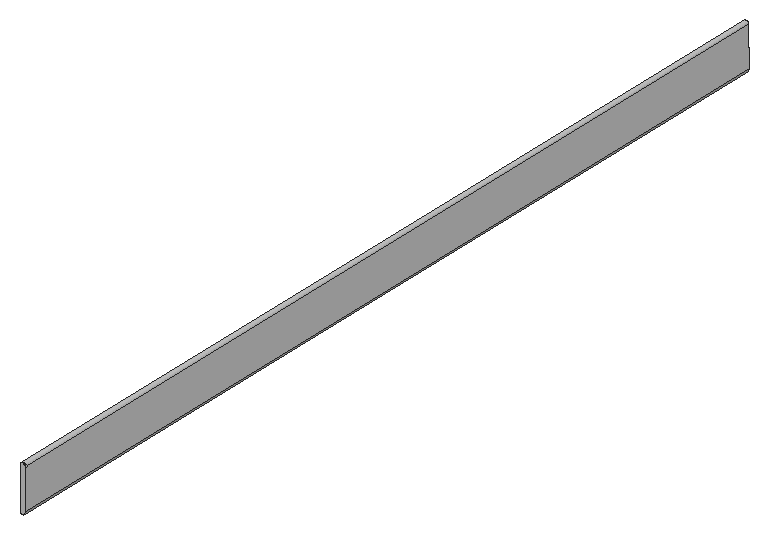
Revit family "Wall_Expansion_Joint-Emseal-Emshield-WFR2-(0.5-6-Inch)", category Specialty Equipment, host Face, Revit 2019
Family settings
  Host = Face
  Round Connector Dimension = Use Diameter
  Part Type = Normal
  OmniClass Number = 23.25.30.24
  OmniClass Title = Structural Walls
  Cut with Voids When Loaded = No
  Shared = No
  Room Calculation Point = No
Parameters (values of type "REFER TO TYPE CATALOG")
  Width = 0' - 0 1/2"
  Water Penetration of Curtain Wall By Uniform Static Air Pressure Difference (ASTM E331-00) = "No water penetration - 15 minute duration at 500 Delta-P(Pa), 1000 Delta-P(Pa),  and 5000 Delta-P(Pa)"  # constant formula
  URL = "https://www.emseal.com/"
  Type Image = <None>
  Type Comments = ""
  Tornado Resistance (Air Leakage) (ASTM E283) = "Tested to 200 mph with essentially no deflection"  # constant formula
  Thermal Conductivity (ASTM C518) = "0.9824 BTU*in/h*ft^2*F (0.1417 W/m*K)"  # constant formula
  Tensile Strength (ASTM D3574) = "21 psi min;  145 kPa"  # constant formula
  Temperature Range (ASTM C711) = "185°F (85°C) to -40°F (-40°C)"  # constant formula
  Standard Test Method For Structural Performance of Exterior Windows, Doors, Sylights and Curtain Walls by Uniform Static Air Pressure Difference (ASTM E330) = "1.9mm @ 4854Pa (200mph) 6-Inch width"  # constant formula
  Staining (ASTM C510) = "None"  # constant formula
  Seal Material Note = "WFR2 has layers of silicone on both sides"  # constant formula
  Seal Material = Silicone - Sikasil WS-295
  STC Rating (Sound Transmission Class) (ASTM E90) = "STC 62 (in a STC 68 wall)"  # constant formula
  Rate of Air Leakage (ASTM E283) = "Passed"  # constant formula
  R Value Range (ASTM C518) = "1.03 per 1-inch (25mm) depth"  # constant formula
  Product data url = "https://cdn.emseal.com/wp-content/uploads/2016/06/emshield-wfr2-tech-data-2-hour-fire-rated-expansion-joint-wall-emseal.pdf"
  Product Page URL = "https://www.emseal.com/product/wfr2-fire-rated-wall-expansion-joint/"
  Product Documentation Link = "https://cdn.emseal.com/wp-content/uploads/2016/06/emshield-wfr2-tech-data-2-hour-fire-rated-expansion-joint-wall-emseal.pdf"
  Pick Resistant = "No"  # constant formula
  OITC Rating (Outdoor/Indoor Transmission Class) = "OITC 52 (in a OITC 52 wall)"  # constant formula
  Number of Sticks Required [instance] = Length / 6' 6 23/32"  # 1
  Movement (of Nominal Material Size) = "+ 50% / - 50%"
  Model = "WFR2"
  Manufacturer = "Emseal Joint Systems, Ltd."  # constant formula
  Length [instance] = 6' - 6 23/32"
  Keynote = ""
  Host Thickness = 0' 0" - Depth  # -0' - 4"
  Fire Resistance and Movement Cycling Regime (UL 2079, ASTM E1966, ASTM E119, ASTM E1399) = "Passed"  # constant formula
  Fire Rating (Hours per UL2079) = "2"
  Fire Rated Movement Rating (UL2079) = "Class II, III"  # constant formula
  Durometer Hardness of Silicone Coating (ASTM D2240) = "Shore A: 15"  # constant formula
  Description = "Fire Rated, Watertight, Sound Dampening, Primary Seal for Interior and Exterior Wall Expansion Joints"  # constant formula
  Depth = 0' - 4"
  Default Elevation = 4' - 0"
  Assembly Code = "B2010"
  Air Permeability (ASTM E283-04) = "0.00017 L/(s-m²) @ 75 Delta-P(Pa) 0.00017 L(s-m²) @ 250 Delta-P(Pa)"  # constant formula
  ABAA Compliance = "YES"  # constant formula
Reference planes (in)
  plane 1 "Center (Front/Back)": y = 0
  plane 2: z = 0
  plane 3 "Center (Left/Right)": x = 0
  plane 4: y = 39.35937
  plane 5: y = -39.35938
  plane 6: x = -0.25
  plane 7: x = 0.25
  plane 8: z = -4
Forms (in)
  Extrusion 1, void
    sketch origin (0, 0, 0) x (1, 0, 0) y (0, 1, 0)
      loop
        line (-0.25, -39.35938) -> (0.25, -39.35938) -> (0.25, 39.35937) -> (-0.25, 39.35937) -> (-0.25, -39.35938)
    from -120 to 0
Dimensions and locks (in)
  equal spacing: plane 6, plane 3 "Center (Left/Right)", plane 7
  "Width": plane 6 to plane 7
  "Length": plane 4 to plane 5
  "Depth": level to plane 8
  equal spacing: plane 4, plane 1 "Center (Front/Back)", plane 5
  aligned and locked: plane 2 to host face
  aligned and locked: level to host face
  aligned and locked: Extrusion 1 sketch curve to plane 5
  aligned and locked: Extrusion 1 sketch curve to plane 7
  aligned and locked: Extrusion 1 sketch curve to plane 6
  aligned and locked: Extrusion 1 sketch curve to plane 4
  aligned and locked: plane 2 to Extrusion 1
  aligned and locked: plane 4 to nested 1
  aligned and locked: plane 5 to nested 1
  aligned and locked: plane 3 "Center (Left/Right)" to nested 1
Automatic sketch dimensions
  host sketch curve to host sketch curve = 8' - 0"
  host sketch curve to host sketch curve = 6' - 6 23/32"
Nested families (in)
  nested 1: "EmShield_WFR_Bellow_Facebased" at (0, 0, 0), Seal Material <- "Seal Material", Width <- "Width", Depth <- "Depth", type "WFR"
    with Width 0' - 0 1/2", Triple Bellow no, Single Bellow yes, Seal Material Silicone - Sikasil WS-295, Quad Bellow no, Pent Bellow no, Length 6' - 6 23/32", Depth 0' - 4", Calc Width Triple 0' - 1 1/2", Calc Width Single 0' - 0 1/2", Calc Width Quad 0' - 3 131/256", Calc Width Pent 0' - 4 1/2"
Definition of nested family "EmShield_WFR_Bellow_Facebased"
  Parameters
    Width [instance] = 0' - 4 3/4"
    Triple Bellow [instance] = and(Width > 0' 1 125/256", Width < 0' 3 131/256")  # no
    Single Bellow [instance] = Width < 0' 1 67/256"  # no
    Seal Material [instance] = none
    Quad Bellow [instance] = and(Width > 0' 3 189/256", Width < 0' 4 131/256")  # no
    Pent Bellow [instance] = and(Width > 0' 4 189/256", Width < 0' 6 3/256")  # yes
    Length [instance] = 7' - 0"
    Depth [instance] = 0' - 4"
    Default Elevation = 4' - 0"
    Calc Width Triple [instance] = if(or(Width > 0' 3 131/256", Width < 0' 1 125/256"), 0' 1 1/2", Width)  # 0' - 1 1/2"
    Calc Width Single [instance] = if(Width > 0' 1 67/256", 0' 1 67/256", Width)  # 0' - 1 67/256"
    Calc Width Quad [instance] = if(or(Width > 0' 4 131/256", Width < 0' 3 189/256"), 0' 3 131/256", Width)  # 0' - 3 131/256"
    Calc Width Pent [instance] = if(or(Width > 0' 6 3/256", Width < 0' 4 125/256"), 0' 4 1/2", Width)  # 0' - 4 3/4"
  Reference planes (in)
    plane 1 "Center (Front/Back)": y = 0
    plane 2: z = 0
    plane 3 "Center (Left/Right)": x = 0
    plane 4: y = 42
    plane 5: y = -42
    plane 6: x = -0.75
    plane 7: x = 0.75
    plane 8: z = -4
    plane 9: x = -0.87793
    plane 10: x = 0.87793
    plane 11: x = -0.25
    plane 12: x = 0.25
    plane 13: x = -1.75586
    plane 14: x = 1.75586
    plane 15: x = -0.63086
    plane 16: x = 0.63086
    plane 17: x = -2.375
    plane 18: x = 2.375
    plane 19: x = -5.625
    plane 20: x = 5.875
    plane 21: x = -1.425
    plane 22: x = -0.475
    plane 23: x = 0.475
    plane 24: x = -2.375
    plane 25: x = 2.375
    plane 26: x = 1.425
  Forms (in)
    Extrusion 1, solid
      sketch origin (0, 0, 0) x (1, 0, 0) y (0, 1, 0)
        loop
          line (-48, 48) -> (-48, -48) -> (48, -48) -> (48, 48) -> (-48, 48)
      from 0 to -12
    Extrusion 2, solid, material <- "Seal Material", visible <- "Quad Bellow", detail levels medium+fine
      sketch origin (0, 0, 0) x (1, 0, 0) y (0, 0, 1)
        loop
          line (1.75586, -3.56106) -> (1.75586, -0.43896)
          arc (1.75586, -0.43896) -> (1.31689, 0) -> (0.87793, -0.43896) r 0.43896
          arc (0.87793, -0.43896) -> (0.43896, 0) -> (0, -0.43896) r 0.43896
          arc (0, -0.43896) -> (-0.43896, 0) -> (-0.87793, -0.43896) r 0.43896
          arc (-0.87793, -0.43896) -> (-1.31689, 0) -> (-1.75586, -0.43896) r 0.43896
          line (-1.75586, -0.43896) -> (-1.75586, -3.56106)
          arc (-1.75586, -3.56106) -> (-1.31689, -4.00002) -> (-0.87793, -3.56106) r 0.43896
          arc (-0.87793, -3.56106) -> (-0.43896, -4.00002) -> (0, -3.56106) r 0.43896
          arc (0, -3.56106) -> (0.43896, -4.00002) -> (0.87793, -3.56106) r 0.43896
          arc (0.87793, -3.56106) -> (1.31689, -4.00002) -> (1.75586, -3.56106) r 0.43896
      from -42 to 42
    Extrusion 3, solid, material <- "Seal Material", visible <- "Triple Bellow", detail levels medium+fine
      sketch origin (0, 0, 0) x (1, 0, 0) y (0, 0, 1)
        loop
          line (-0.75, -0.25) -> (-0.75, -3.75)
          arc (-0.75, -3.75) -> (-0.5, -4) -> (-0.25, -3.75) r 0.25
          arc (-0.25, -3.75) -> (0, -4) -> (0.25, -3.75) r 0.25
          arc (0.25, -3.75) -> (0.5, -4) -> (0.75, -3.75) r 0.25
          line (0.75, -3.75) -> (0.75, -0.25)
          arc (0.75, -0.25) -> (0.5, 0) -> (0.25, -0.25) r 0.25
          arc (0.25, -0.25) -> (0, 0) -> (-0.25, -0.25) r 0.25
          arc (-0.25, -0.25) -> (-0.5, 0) -> (-0.75, -0.25) r 0.25
      from -42 to 42
    Extrusion 4, solid, material <- "Seal Material", visible <- "Single Bellow", detail levels medium+fine
      sketch origin (0, 0, 0) x (1, 0, 0) y (0, 0, 1)
        loop
          line (-0.63086, -0.63086) -> (-0.63086, -3.36914)
          arc (-0.63086, -3.36914) -> (0, -4) -> (0.63086, -3.36914) r 0.63086
          line (0.63086, -3.36914) -> (0.63086, -0.63086)
          arc (0.63086, -0.63086) -> (0, 0) -> (-0.63086, -0.63086) r 0.63086
      from -42 to 42
    Extrusion 5, solid, material <- "Seal Material", detail levels coarse
      sketch origin (0, 0, 0) x (1, 0, 0) y (0, 0, 1)
        loop
          line (2.375, -4) -> (2.375, 0) -> (-2.375, 0) -> (-2.375, -4) -> (2.375, -4)
      from -42 to 42
    Extrusion 6, solid, material <- "Seal Material", visible <- "Pent Bellow", detail levels medium+fine
      sketch origin (0, 0, 0) x (1, 0, 0) y (0, 0, 1)
        loop
          line (-2.375, -0.475) -> (-2.375, -3.52513)
          arc (-2.375, -3.52513) -> (-1.9, -4.00013) -> (-1.425, -3.52513) r 0.475
          arc (-1.425, -3.52513) -> (-0.95, -4.00013) -> (-0.475, -3.52513) r 0.475
          arc (-0.475, -3.52513) -> (0, -4.00013) -> (0.475, -3.52513) r 0.475
          arc (0.475, -3.52513) -> (0.95, -4.00013) -> (1.425, -3.52513) r 0.475
          arc (1.425, -3.52513) -> (1.9, -4.00013) -> (2.375, -3.52513) r 0.475
          line (2.375, -3.52513) -> (2.375, -0.475)
          arc (2.375, -0.475) -> (1.9, 0) -> (1.425, -0.475) r 0.475
          arc (1.425, -0.475) -> (0.95, 0) -> (0.475, -0.475) r 0.475
          arc (0.475, -0.475) -> (0, 0) -> (-0.475, -0.475) r 0.475
          arc (-0.475, -0.475) -> (-0.95, 0) -> (-1.425, -0.475) r 0.475
          arc (-1.425, -0.475) -> (-1.9, 0) -> (-2.375, -0.475) r 0.475
      from -42 to 42
  Lines and regions (in)
    Masking region 1
      outline origin (0, 0, 2.62265) x (-1, 0, 0) y (0, -1, 0)
        loop
          line (2.375, -42) -> (2.375, 42) -> (-2.375, 42) -> (-2.375, -42) -> (2.375, -42)
    Masking region 2, detail levels coarse
      outline origin (0, 0, 0) x (1, 0, 0) y (0, 0, 1)
        loop
          line (2.375, 0) -> (-2.375, 0) -> (-2.375, -4) -> (2.375, -4) -> (2.375, 0)
    Masking region 3, visible <- "Pent Bellow", detail levels medium+fine
      outline origin (0, 0, 0) x (1, 0, 0) y (0, 0, 1)
        loop
          arc (-1.425, -0.475) -> (-1.9, 0) -> (-2.375, -0.475) r 0.475
          line (-2.375, -0.475) -> (-2.375, -3.52513)
          arc (-2.375, -3.52513) -> (-1.9, -4.00013) -> (-1.425, -3.52513) r 0.475
          arc (-1.425, -3.52513) -> (-0.95, -4.00013) -> (-0.475, -3.52513) r 0.475
          arc (-0.475, -3.52513) -> (0, -4.00013) -> (0.475, -3.52513) r 0.475
          arc (0.475, -3.52513) -> (0.95, -4.00013) -> (1.425, -3.52513) r 0.475
          arc (1.425, -3.52513) -> (1.9, -4.00013) -> (2.375, -3.52513) r 0.475
          line (2.375, -3.52513) -> (2.375, -0.475)
          arc (2.375, -0.475) -> (1.9, 0) -> (1.425, -0.475) r 0.475
          arc (1.425, -0.475) -> (0.95, 0) -> (0.475, -0.475) r 0.475
          arc (0.475, -0.475) -> (0, 0) -> (-0.475, -0.475) r 0.475
          arc (-0.475, -0.475) -> (-0.95, 0) -> (-1.425, -0.475) r 0.475
    Masking region 4, visible <- "Quad Bellow", detail levels medium+fine
      outline origin (0, 0, 0) x (1, 0, 0) y (0, 0, 1)
        loop
          line (-1.75586, -0.43896) -> (-1.75586, -3.56106)
          arc (-1.75586, -3.56106) -> (-1.31689, -4.00002) -> (-0.87793, -3.56106) r 0.43896
          arc (-0.87793, -3.56106) -> (-0.43896, -4.00002) -> (0, -3.56106) r 0.43896
          arc (0, -3.56106) -> (0.43896, -4.00002) -> (0.87793, -3.56106) r 0.43896
          arc (0.87793, -3.56106) -> (1.31689, -4.00002) -> (1.75586, -3.56106) r 0.43896
          line (1.75586, -3.56106) -> (1.75586, -0.43896)
          arc (1.75586, -0.43896) -> (1.31689, 0) -> (0.87793, -0.43896) r 0.43896
          arc (0.87793, -0.43896) -> (0.43896, 0) -> (0, -0.43896) r 0.43896
          arc (0, -0.43896) -> (-0.43896, 0) -> (-0.87793, -0.43896) r 0.43896
          arc (-0.87793, -0.43896) -> (-1.31689, 0) -> (-1.75586, -0.43896) r 0.43896
    Masking region 5, visible <- "Single Bellow", detail levels medium+fine
      outline origin (0, 0, 0) x (1, 0, 0) y (0, 0, 1)
        loop
          arc (0.63086, -0.63086) -> (0, 0) -> (-0.63086, -0.63086) r 0.63086
          line (-0.63086, -0.63086) -> (-0.63086, -3.36914)
          arc (-0.63086, -3.36914) -> (0, -4) -> (0.63086, -3.36914) r 0.63086
          line (0.63086, -3.36914) -> (0.63086, -0.63086)
    Masking region 6, visible <- "Triple Bellow", detail levels medium+fine
      outline origin (0, 0, 0) x (1, 0, 0) y (0, 0, 1)
        loop
          arc (-0.25, -3.75) -> (0, -4) -> (0.25, -3.75) r 0.25
          arc (0.25, -3.75) -> (0.5, -4) -> (0.75, -3.75) r 0.25
          line (0.75, -3.75) -> (0.75, -0.25)
          arc (0.75, -0.25) -> (0.5, 0) -> (0.25, -0.25) r 0.25
          arc (0.25, -0.25) -> (0, 0) -> (-0.25, -0.25) r 0.25
          arc (-0.25, -0.25) -> (-0.5, 0) -> (-0.75, -0.25) r 0.25
          line (-0.75, -0.25) -> (-0.75, -3.75)
          arc (-0.75, -3.75) -> (-0.5, -4) -> (-0.25, -3.75) r 0.25
    Masking region 7
      outline origin (0, 0, 0) x (0, 1, 0) y (0, 0, 1)
        loop
          line (42, -4) -> (42, 0) -> (-42, 0) -> (-42, -4) -> (42, -4)
    symbolic lines, visible <- "Quad Bellow", detail levels medium+fine
      curve 1: line (-0.87793, 42, 2.62265) -> (-0.87793, -42, 2.62265)
      curve 2: line (0.87793, 42, 2.62265) -> (0.87793, -42, 2.62265)
      curve 3: line (0, 42, 2.62265) -> (0, -42, 2.62265)
    symbolic lines, visible <- "Triple Bellow", detail levels medium+fine
      curve 4: line (-0.25, 42, 0) -> (-0.25, -42, 0)
      curve 5: line (0.25, 42, 0) -> (0.25, -42, 0)
    symbolic lines, visible <- "Pent Bellow", detail levels medium+fine
      curve 6: line (-1.425, 42, 0) -> (-1.425, -42, 0)
      curve 7: line (-0.475, 42, 0) -> (-0.475, -42, 0)
      curve 8: line (0.475, 42, 0) -> (0.475, -42, 0)
      curve 9: line (1.425, 42, 0) -> (1.425, -42, 0)
  Dimensions and locks (in)
    "Length": plane 4 to plane 5
    equal spacing: plane 6, plane 3 "Center (Left/Right)", plane 7
    "Depth": level to plane 8
    plane 8 to Extrusion 2 sketch curve to Extrusion 2 sketch curve to Extrusion 2 sketch curve to Extrusion 2 sketch curve = 0' - 0.00002" locked, 0' - 0" locked, 0' - 0" locked, 0' - 0" locked
    Extrusion 2 sketch curve to Extrusion 2 sketch curve to Extrusion 2 sketch curve to Extrusion 2 sketch curve to plane 2 = 0' - 0" locked, 0' - 0" locked, 0' - 0" locked, 0' - 0" locked
    equal spacing: plane 4, plane 1 "Center (Front/Back)", plane 5
    plane 8 to Extrusion 3 sketch curve to Extrusion 3 sketch curve to Extrusion 3 sketch curve = 0' - 0" locked, 0' - 0" locked, 0' - 0" locked
    plane 2 to Extrusion 3 sketch curve to Extrusion 3 sketch curve to Extrusion 3 sketch curve = 0' - 0" locked, 0' - 0" locked, 0' - 0" locked
    equal spacing: plane 7, plane 12, plane 11, plane 6
    "Calc Width Triple": plane 7 to plane 6
    equal spacing: plane 14, plane 10, plane 3 "Center (Left/Right)", plane 9, plane 13
    "Calc Width Quad": plane 14 to plane 13
    equal spacing: plane 16, plane 3 "Center (Left/Right)", plane 15
    "Calc Width Single": plane 16 to plane 15
    locked: plane 8 to Extrusion 4 sketch curve at 0
    locked: plane 2 to Extrusion 4 sketch curve at 0
    equal spacing: plane 18, plane 3 "Center (Left/Right)", plane 17
    "Width": plane 18 to plane 17
    locked: plane 19 to plane 17 at 3.25
    locked: plane 18 to plane 20 at 3.5
    equal spacing: plane 25, plane 3 "Center (Left/Right)", plane 24
    "Calc Width Pent": plane 25 to plane 24
    equal spacing: plane 25, plane 26, plane 23, plane 22, plane 21, plane 24
    plane 8 to Extrusion 6 sketch curve to Extrusion 6 sketch curve to Extrusion 6 sketch curve to Extrusion 6 sketch curve to Extrusion 6 sketch curve = 0' - 0.00013" locked, 0' - 0" locked, 0' - 0" locked, 0' - 0" locked, 0' - 0" locked
    plane 2 to Extrusion 6 sketch curve to Extrusion 6 sketch curve to Extrusion 6 sketch curve to Extrusion 6 sketch curve to Extrusion 6 sketch curve = 0' - 0" locked, 0' - 0" locked, 0' - 0" locked, 0' - 0" locked, 0' - 0" locked
    aligned and locked: plane 2 to Extrusion 1
    aligned and locked: level to Extrusion 1
    aligned and locked: Masking region 1 sketch curve to plane 4
    aligned and locked: Masking region 1 sketch curve to plane 5
    aligned and locked: plane 5 to curve 1
    aligned and locked: plane 5 to curve 2
    aligned and locked: plane 4 to curve 2
    aligned and locked: plane 4 to curve 1
    aligned and locked: curve 3 to plane 3 "Center (Left/Right)"
    aligned and locked: plane 10 to Extrusion 2 sketch curve  (x2)
    aligned and locked: plane 3 "Center (Left/Right)" to Extrusion 2 sketch curve  (x2)
    aligned and locked: plane 9 to Extrusion 2 sketch curve  (x2)
    aligned and locked: Extrusion 2 to plane 5
    aligned and locked: plane 4 to Extrusion 2
    aligned and locked: plane 6 to Extrusion 3 sketch curve
    aligned and locked: plane 7 to Extrusion 3 sketch curve
    aligned and locked: plane 12 to Extrusion 3 sketch curve  (x2)
    aligned and locked: plane 11 to Extrusion 3 sketch curve  (x2)
    aligned and locked: plane 13 to Extrusion 2 sketch curve
    aligned and locked: Extrusion 2 sketch curve to plane 14
    aligned and locked: plane 15 to Extrusion 4 sketch curve
    aligned and locked: plane 16 to Extrusion 4 sketch curve
    aligned and locked: Extrusion 5 sketch curve to plane 8
    aligned and locked: Extrusion 5 sketch curve to plane 2
    aligned and locked: Extrusion 5 sketch curve to plane 17
    aligned and locked: Extrusion 5 sketch curve to plane 18
    aligned and locked: Extrusion 5 to plane 5
    aligned and locked: Extrusion 4 to plane 5
    aligned and locked: Extrusion 3 to plane 5
    aligned and locked: plane 4 to Extrusion 5
    aligned and locked: plane 4 to Extrusion 4
    aligned and locked: plane 4 to Extrusion 3
    aligned and locked: curve 4 to plane 11
    aligned and locked: curve 5 to plane 12
    aligned and locked: Masking region 1 sketch curve to plane 17
    aligned and locked: plane 18 to Masking region 1 sketch curve
    aligned and locked: plane 24 to Extrusion 6 sketch curve
    aligned and locked: plane 25 to Extrusion 6 sketch curve
    aligned and locked: plane 21 to Extrusion 6 sketch curve  (x2)
    aligned and locked: plane 22 to Extrusion 6 sketch curve  (x2)
    aligned and locked: plane 23 to Extrusion 6 sketch curve  (x2)
    aligned and locked: plane 26 to Extrusion 6 sketch curve  (x2)
    aligned and locked: Extrusion 6 to plane 5
    aligned and locked: plane 4 to Extrusion 6
    aligned and locked: curve 6 to plane 21
    aligned and locked: curve 7 to plane 22
    aligned and locked: curve 8 to plane 23
    aligned and locked: curve 9 to plane 26
    aligned and locked: Masking region 2 sketch curve to Extrusion 5  (x4)
    aligned and locked: Masking region 3 sketch curve to Extrusion 6  (x10)
    aligned and locked: Masking region 4 sketch curve to Extrusion 2  (x8)
    aligned and locked: Masking region 5 sketch curve to Extrusion 4  (x2)
    aligned and locked: Masking region 6 sketch curve to Extrusion 3  (x6)
    aligned and locked: plane 4 to Masking region 7 sketch curve
    aligned and locked: plane 5 to Masking region 7 sketch curve
    aligned and locked: plane 8 to Masking region 7 sketch curve
    aligned and locked: level to Masking region 7 sketch curve
  Automatic sketch dimensions
    Extrusion 1 sketch curve to Extrusion 1 sketch curve = 8' - 0"  (x2)
    curve 3 to plane 4 = 0' - 0"
    curve 3 to plane 5 = 0' - 0"
    curve 2 to plane 10 = 0' - 0"
    curve 1 to plane 9 = 0' - 0"
    Extrusion 3 sketch curve to Extrusion 3 sketch curve = 0' - 0"
    curve 4 to plane 5 = 0' - 0"
    curve 5 to plane 5 = 0' - 0"
    curve 5 to plane 4 = 0' - 0"
    curve 4 to plane 4 = 0' - 0"
    curve 6 to plane 5 = 0' - 0"
    plane 4 to curve 6 = 0' - 0"
    curve 7 to curve 6 = 0' - 0"
    curve 6 to curve 7 = 0' - 0"
    curve 8 to curve 7 = 0' - 0"
    curve 7 to curve 8 = 0' - 0"
    curve 9 to curve 8 = 0' - 0"
    curve 8 to curve 9 = 0' - 0"
